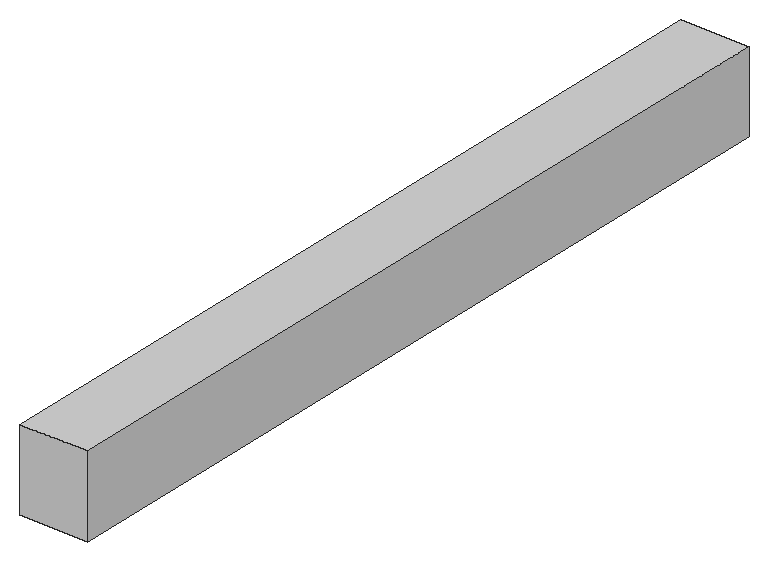
Revit family "MF_COMPENSATION TUBE 4''x4''_1904316", category Generic Models, Revit 2018
Family settings
  Can host rebar = No
  Round Connector Dimension = Use Diameter
  Part Type = Normal
  OmniClass Number = 35.51.14.00
  OmniClass Title = FORMWORK
  Work Plane-Based = Yes
  Always vertical = No
  Cut with Voids When Loaded = No
  Shared = Yes
  Room Calculation Point = No
Parameters
  VERSION = "20190101"  # constant formula
  URL = "www.ulmaconstruction.com/en"
  UNICLASS = ""
  ITEM_CODE = "1904316"
  Manufacturer = "ULMA CONSTRUCTION"  # constant formula
  FILTER [instance] = ""
  Default Elevation = 0"
  CLASSIFICATION_TITLE = ""
  CLASSIFICATION_NUMBER = ""
Reference planes (in)
  plane 1 "Centro (Frontal/Posterior)": y = 0
  plane 2: z = 0
  plane 3 "Centro (Izquierda/Derecha)": x = 0
  plane 4 "ITEM_HEIGHT": y = 48
  plane 5 "TIE HOLE 2": y = 46.40157
  plane 6 "TIE HOLE 1": y = 21.45669
  plane 7: y = 15
  plane 8: y = 33
  plane 9 "MIDDLE": x = 1.9685
Forms (in)
  Extrusion 1, solid, material "ULMA ZINC"
    sketch origin (0, 0, 0) x (1, 0, 0) y (0, 0, 1)
      loop
        line (0, 0) -> (0, -4.72441) -> (3.93701, -4.72441) -> (3.93701, 0) -> (0, 0)
    from -48 to 0
Lines and regions (in)
  model lines, style "ULMA PANELS", detail levels fine
    curve 1: circle (1.9685, 46.40157, -4.72441) r 0.82677 normal (0, 0, 1)
    curve 2: circle (1.9685, 21.45669, -4.72441) r 0.82677 normal (0, 0, 1)
    curve 3: arc (2.79508, 23.62204, 0) -> (1.96854, 24.44858, 0) -> (1.142, 23.62204, 0) r 0.82654
    curve 4: line (2.79508, 23.62204, 0) -> (2.79508, 19.29134, 0)
    curve 5: line (1.142, 19.29134, 0) -> (1.142, 23.62204, 0)
    curve 6: arc (1.142, 19.29134, 0) -> (1.96854, 18.4648, 0) -> (2.79508, 19.29134, 0) r 0.82654
    curve 7: line (2.79528, 44.23622, 0) -> (2.79528, 46.40157, 0)
    curve 8: arc (1.14173, 44.23622, 0) -> (1.9685, 43.40945, 0) -> (2.79528, 44.23622, 0) r 0.82677
    curve 9: line (1.14173, 46.40157, 0) -> (1.14173, 44.23622, 0)
    curve 10: circle (3.93701, 15, -1.72441) r 0.3937 normal (1, 0, 0)
    curve 11: circle (0, 15, -1.72441) r 0.3937 normal (1, 0, 0)
    curve 12: circle (3.93701, 33, -1.72441) r 0.3937 normal (1, 0, 0)
    curve 13: circle (0, 33, -1.72441) r 0.3937 normal (1, 0, 0)
    curve 14: arc (1.14173, 46.40157, 0) -> (1.9685, 47.22835, 0) -> (2.79528, 46.40157, 0) r 0.82677
Dimensions and locks (in)
  locked: plane 1 "Centro (Frontal/Posterior)" to plane 4 "ITEM_HEIGHT" at 48
  locked: plane 3 "Centro (Izquierda/Derecha)" to plane 9 "MIDDLE" at 1.9685
  aligned and locked: level to plane 2
  aligned and locked: plane 4 "ITEM_HEIGHT" to Extrusion 1
  aligned and locked: plane 1 "Centro (Frontal/Posterior)" to Extrusion 1
